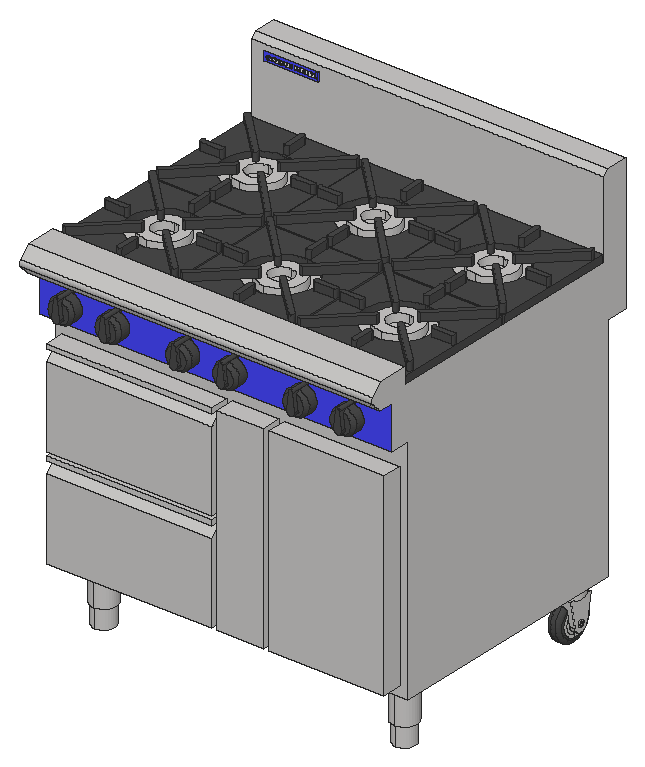
Revit family "QF_MOFFAT_BLUESEAL_CE_G516D-RB", category Specialty Equipment, Revit 2012 (continued)
Definition of nested family "GAS BURNER 900"
  Lines and regions (mm)
    symbolic lines
      curve 144: spline (241.898, -463.6, 0) -> (240.604, -463.818, 0) -> (239.398, -464.457, 0) -> (238.362, -465.475, 0) -> (237.568, -466.8, 0) -> (237.068, -468.344, 0) -> (236.898, -470, 0) -> (237.068, -471.656, 0) -> (237.568, -473.2, 0) -> (238.362, -474.525, 0) -> (239.398, -475.543, 0) -> (240.604, -476.182, 0) -> (241.898, -476.4, 0)
      curve 145: line (241.898, -476.4, 0) -> (291.102, -476.4, 0)
      curve 146: spline (291.102, -476.4, 0) -> (292.396, -476.182, 0) -> (293.602, -475.543, 0) -> (294.638, -474.525, 0) -> (295.432, -473.2, 0) -> (295.932, -471.656, 0) -> (296.102, -470, 0) -> (295.932, -468.344, 0) -> (295.432, -466.8, 0) -> (294.638, -465.475, 0) -> (293.602, -464.457, 0) -> (292.396, -463.818, 0) -> (291.102, -463.6, 0)
      curve 147: line (423.076, -434.025, 0) -> (315.153, -326.102, 0)
      curve 148: spline (315.153, -326.102, 0) -> (314.084, -325.341, 0) -> (312.779, -324.941, 0) -> (311.328, -324.928, 0) -> (309.829, -325.303, 0) -> (308.384, -326.041, 0) -> (307.092, -327.092, 0) -> (306.041, -328.384, 0) -> (305.303, -329.829, 0) -> (304.928, -331.328, 0) -> (304.941, -332.779, 0) -> (305.341, -334.084, 0) -> (306.102, -335.153, 0)
      curve 149: line (306.102, -335.153, 0) -> (414.025, -443.076, 0)
      curve 150: spline (414.025, -443.076, 0) -> (415.095, -443.837, 0) -> (416.399, -444.238, 0) -> (417.851, -444.251, 0) -> (419.35, -443.875, 0) -> (420.795, -443.137, 0) -> (422.086, -442.086, 0) -> (423.137, -440.795, 0) -> (423.875, -439.35, 0) -> (424.251, -437.851, 0) -> (424.238, -436.399, 0) -> (423.837, -435.095, 0) -> (423.076, -434.025, 0)
      curve 151: line (443.6, -328.898, 0) -> (443.6, -378.102, 0)
      curve 152: spline (443.6, -378.102, 0) -> (443.818, -379.396, 0) -> (444.457, -380.602, 0) -> (445.475, -381.638, 0) -> (446.8, -382.432, 0) -> (448.344, -382.932, 0) -> (450, -383.102, 0) -> (451.656, -382.932, 0) -> (453.2, -382.432, 0) -> (454.525, -381.638, 0) -> (455.543, -380.602, 0) -> (456.182, -379.396, 0) -> (456.4, -378.102, 0)
      curve 153: line (456.4, -378.102, 0) -> (456.4, -328.898, 0)
      curve 154: spline (456.4, -328.898, 0) -> (456.182, -327.604, 0) -> (455.543, -326.398, 0) -> (454.525, -325.362, 0) -> (453.2, -324.568, 0) -> (451.656, -324.068, 0) -> (450, -323.898, 0) -> (448.344, -324.068, 0) -> (446.8, -324.568, 0) -> (445.475, -325.362, 0) -> (444.457, -326.398, 0) -> (443.818, -327.604, 0) -> (443.6, -328.898, 0)
      curve 155: line (584.847, -326.102, 0) -> (476.924, -434.025, 0)
      curve 156: spline (476.924, -434.025, 0) -> (476.163, -435.095, 0) -> (475.762, -436.399, 0) -> (475.749, -437.851, 0) -> (476.125, -439.35, 0) -> (476.863, -440.795, 0) -> (477.914, -442.086, 0) -> (479.205, -443.137, 0) -> (480.65, -443.875, 0) -> (482.149, -444.251, 0) -> (483.601, -444.238, 0) -> (484.905, -443.837, 0) -> (485.975, -443.076, 0)
      curve 157: line (485.975, -443.076, 0) -> (593.898, -335.153, 0)
      curve 158: spline (593.898, -335.153, 0) -> (594.819, -333.924, 0) -> (595.369, -332.47, 0) -> (595.51, -330.89, 0) -> (595.233, -329.292, 0) -> (594.557, -327.786, 0) -> (593.527, -326.473, 0) -> (592.214, -325.443, 0) -> (590.708, -324.767, 0) -> (589.11, -324.49, 0) -> (587.53, -324.631, 0) -> (586.076, -325.181, 0) -> (584.847, -326.102, 0)
      curve 159: line (591.102, -463.6, 0) -> (541.898, -463.6, 0)
      curve 160: spline (541.898, -463.6, 0) -> (540.604, -463.818, 0) -> (539.398, -464.457, 0) -> (538.362, -465.475, 0) -> (537.568, -466.8, 0) -> (537.068, -468.344, 0) -> (536.898, -470, 0) -> (537.068, -471.656, 0) -> (537.568, -473.2, 0) -> (538.362, -474.525, 0) -> (539.398, -475.543, 0) -> (540.604, -476.182, 0) -> (541.898, -476.4, 0)
      curve 161: line (541.898, -476.4, 0) -> (591.102, -476.4, 0)
      curve 162: spline (591.102, -476.4, 0) -> (592.396, -476.182, 0) -> (593.602, -475.543, 0) -> (594.638, -474.525, 0) -> (595.432, -473.2, 0) -> (595.932, -471.656, 0) -> (596.102, -470, 0) -> (595.932, -468.344, 0) -> (595.432, -466.8, 0) -> (594.638, -465.475, 0) -> (593.602, -464.457, 0) -> (592.396, -463.818, 0) -> (591.102, -463.6, 0)
      curve 163: line (593.898, -603.347, 0) -> (485.975, -496.924, 0)
      curve 164: spline (485.975, -496.924, 0) -> (484.905, -496.163, 0) -> (483.601, -495.762, 0) -> (482.149, -495.749, 0) -> (480.65, -496.125, 0) -> (479.205, -496.863, 0) -> (477.914, -497.914, 0) -> (476.863, -499.205, 0) -> (476.125, -500.65, 0) -> (475.749, -502.149, 0) -> (475.762, -503.601, 0) -> (476.163, -504.905, 0) -> (476.924, -505.975, 0)
      curve 165: line (476.924, -505.975, 0) -> (584.847, -612.398, 0)
      curve 166: spline (584.847, -612.398, 0) -> (585.916, -613.159, 0) -> (587.221, -613.559, 0) -> (588.672, -613.572, 0) -> (590.171, -613.197, 0) -> (591.616, -612.459, 0) -> (592.908, -611.408, 0) -> (593.959, -610.116, 0) -> (594.697, -608.671, 0) -> (595.072, -607.172, 0) -> (595.059, -605.721, 0) -> (594.659, -604.416, 0) -> (593.898, -603.347, 0)
      curve 167: line (315.153, -612.398, 0) -> (423.076, -505.975, 0)
      curve 168: spline (423.076, -505.975, 0) -> (423.837, -504.905, 0) -> (424.238, -503.601, 0) -> (424.251, -502.149, 0) -> (423.875, -500.65, 0) -> (423.137, -499.205, 0) -> (422.086, -497.914, 0) -> (420.795, -496.863, 0) -> (419.35, -496.125, 0) -> (417.851, -495.749, 0) -> (416.399, -495.762, 0) -> (415.095, -496.163, 0) -> (414.025, -496.924, 0)
      curve 169: line (414.025, -496.924, 0) -> (306.102, -603.347, 0)
      curve 170: spline (306.102, -603.347, 0) -> (305.341, -604.416, 0) -> (304.941, -605.721, 0) -> (304.928, -607.172, 0) -> (305.303, -608.671, 0) -> (306.041, -610.116, 0) -> (307.092, -611.408, 0) -> (308.384, -612.459, 0) -> (309.829, -613.197, 0) -> (311.328, -613.572, 0) -> (312.779, -613.559, 0) -> (314.084, -613.159, 0) -> (315.153, -612.398, 0)
      curve 171: line (308.898, -476.4, 0) -> (358.102, -476.4, 0)
      curve 172: spline (358.102, -476.4, 0) -> (359.396, -476.182, 0) -> (360.602, -475.543, 0) -> (361.638, -474.525, 0) -> (362.432, -473.2, 0) -> (362.932, -471.656, 0) -> (363.102, -470, 0) -> (362.932, -468.344, 0) -> (362.432, -466.8, 0) -> (361.638, -465.475, 0) -> (360.602, -464.457, 0) -> (359.396, -463.818, 0) -> (358.102, -463.6, 0)
      curve 173: line (358.102, -463.6, 0) -> (308.898, -463.6, 0)
      curve 174: spline (308.898, -463.6, 0) -> (307.604, -463.818, 0) -> (306.398, -464.457, 0) -> (305.362, -465.475, 0) -> (304.568, -466.8, 0) -> (304.068, -468.344, 0) -> (303.898, -470, 0) -> (304.068, -471.656, 0) -> (304.568, -473.2, 0) -> (305.362, -474.525, 0) -> (306.398, -475.543, 0) -> (307.604, -476.182, 0) -> (308.898, -476.4, 0)
      curve 175: line (456.4, -609.602, 0) -> (456.4, -561.898, 0)
      curve 176: spline (456.4, -561.898, 0) -> (456.182, -560.604, 0) -> (455.543, -559.398, 0) -> (454.525, -558.362, 0) -> (453.2, -557.568, 0) -> (451.656, -557.068, 0) -> (450, -556.898, 0) -> (448.344, -557.068, 0) -> (446.8, -557.568, 0) -> (445.475, -558.362, 0) -> (444.457, -559.398, 0) -> (443.818, -560.604, 0) -> (443.6, -561.898, 0)
      curve 177: line (443.6, -561.898, 0) -> (443.6, -609.602, 0)
      curve 178: spline (443.6, -609.602, 0) -> (443.818, -610.896, 0) -> (444.457, -612.102, 0) -> (445.475, -613.138, 0) -> (446.8, -613.932, 0) -> (448.344, -614.432, 0) -> (450, -614.602, 0) -> (451.656, -614.432, 0) -> (453.2, -613.932, 0) -> (454.525, -613.138, 0) -> (455.543, -612.102, 0) -> (456.182, -610.896, 0) -> (456.4, -609.602, 0)
      curve 179: arc (450.009, -384.418, 0) -> (479.699, -389.834, 0) -> (505.564, -405.385, 0) r 84.082
      curve 180: arc (450.009, -552.582, 0) -> (417.885, -546.204, 0) -> (390.635, -528.036, 0) r 84.082
      curve 181: arc (450, -523.5, 0) -> (467.666, -520.693, 0) -> (483.592, -512.55, 0) r 57
      curve 182: arc (450, -409.5, 0) -> (430.014, -413.119, 0) -> (412.566, -423.515, 0) r 57
      curve 183: arc (450, -436.5, 0) -> (480, -466.5, 0) -> (450, -496.5, 0) r 30
      curve 184: arc (450, -496.5, 0) -> (420, -466.5, 0) -> (450, -436.5, 0) r 30
      curve 185: arc (96.324, -103.773, 0) -> (121.466, -89.404, 0) -> (149.991, -84.418, 0) r 84.082
      curve 186: arc (212.871, -112.68, 0) -> (234.066, -167.408, 0) -> (214.3, -222.668, 0) r 84.082
      curve 187: arc (194.454, -202.178, 0) -> (207, -166.598, 0) -> (194.576, -130.975, 0) r 57
      curve 188: arc (114.628, -211.197, 0) -> (131.275, -220.336, 0) -> (150, -223.5, 0) r 57
      curve 189: arc (405.424, -130.975, 0) -> (393, -166.598, 0) -> (405.546, -202.178, 0) r 57
      curve 190: arc (485.525, -121.924, 0) -> (468.817, -112.696, 0) -> (450, -109.5, 0) r 57
      curve 191: arc (494.454, -202.178, 0) -> (507, -166.598, 0) -> (494.576, -130.975, 0) r 57
      curve 192: arc (414.628, -211.197, 0) -> (431.275, -220.336, 0) -> (450, -223.5, 0) r 57
      curve 193: arc (105.424, -130.975, 0) -> (93, -166.598, 0) -> (105.546, -202.178, 0) r 57
      curve 194: arc (514.501, -414.55, 0) -> (534.086, -469.429, 0) -> (513.293, -523.862, 0) r 84.082
      curve 195: arc (504.155, -532.827, 0) -> (478.827, -547.489, 0) -> (450.009, -552.582, 0) r 84.082
      curve 196: arc (493.031, -503.881, 0) -> (506.947, -468.956, 0) -> (496.089, -432.962, 0) r 57
      curve 197: arc (416.408, -512.55, 0) -> (432.334, -520.693, 0) -> (450, -523.5, 0) r 57
      curve 198: arc (403.911, -432.962, 0) -> (393.053, -468.956, 0) -> (406.969, -503.881, 0) r 57
      curve 199: arc (487.434, -423.515, 0) -> (469.986, -413.119, 0) -> (450, -409.5, 0) r 57
      curve 200: arc (187.434, -423.515, 0) -> (169.986, -413.119, 0) -> (150, -409.5, 0) r 57
      curve 201: arc (103.911, -432.962, 0) -> (93.053, -468.956, 0) -> (106.969, -503.881, 0) r 57
      curve 202: arc (109.732, -506.842, 0) -> (110.614, -507.704, 0) -> (111.516, -508.547, 0) r 57
      curve 203: arc (193.031, -503.881, 0) -> (206.947, -468.956, 0) -> (196.089, -432.962, 0) r 57
      curve 204: arc (214.491, -414.56, 0) -> (234.068, -469.429, 0) -> (213.283, -523.853, 0) r 84.082
      curve 205: arc (94.436, -405.385, 0) -> (120.301, -389.834, 0) -> (149.991, -384.418, 0) r 84.082
      curve 206: arc (86.707, -523.862, 0) -> (65.914, -469.429, 0) -> (85.499, -414.55, 0) r 84.082
      curve 207: arc (116.408, -512.55, 0) -> (132.334, -520.693, 0) -> (150, -523.5, 0) r 57
      curve 208: arc (204.147, -532.819, 0) -> (178.816, -547.487, 0) -> (149.991, -552.582, 0) r 84.082
      curve 209: arc (394.444, -405.393, 0) -> (420.313, -389.836, 0) -> (450.009, -384.418, 0) r 84.082
      curve 210: arc (390.635, -528.036, 0) -> (366.012, -472.294, 0) -> (385.509, -414.56, 0) r 84.082
      curve 211: arc (185.525, -121.924, 0) -> (168.817, -112.696, 0) -> (150, -109.5, 0) r 57
      curve 212: arc (396.332, -103.781, 0) -> (421.477, -89.406, 0) -> (450.009, -84.418, 0) r 84.082
      curve 213: arc (512.881, -112.67, 0) -> (534.084, -167.408, 0) -> (514.31, -222.678, 0) r 84.082
      curve 214: arc (505.339, -231.812, 0) -> (479.559, -247.219, 0) -> (450.009, -252.582, 0) r 84.082
      curve 215: arc (385.7, -222.668, 0) -> (365.934, -167.408, 0) -> (387.129, -112.68, 0) r 84.082
      curve 216: arc (205.331, -231.803, 0) -> (179.547, -247.216, 0) -> (149.991, -252.582, 0) r 84.082
      curve 217: arc (85.69, -222.678, 0) -> (65.916, -167.408, 0) -> (87.119, -112.67, 0) r 84.082
      curve 218: spline (724.076, -130.525, 0) -> (724.837, -131.595, 0) -> (725.238, -132.899, 0) -> (725.251, -134.351, 0) -> (724.875, -135.85, 0) -> (724.137, -137.295, 0) -> (723.086, -138.586, 0) -> (721.795, -139.637, 0) -> (720.35, -140.375, 0) -> (718.851, -140.751, 0) -> (717.399, -140.738, 0) -> (716.095, -140.337, 0) -> (715.025, -139.576, 0)
      curve 219: spline (659.102, -160.1, 0) -> (660.396, -160.318, 0) -> (661.602, -160.957, 0) -> (662.638, -161.975, 0) -> (663.432, -163.3, 0) -> (663.932, -164.844, 0) -> (664.102, -166.5, 0) -> (663.932, -168.156, 0) -> (663.432, -169.7, 0) -> (662.638, -171.025, 0) -> (661.602, -172.043, 0) -> (660.396, -172.682, 0) -> (659.102, -172.9, 0)
      curve 220: arc (751, -223.5, 0) -> (732.275, -220.336, 0) -> (715.628, -211.197, 0) r 57
      curve 221: arc (751, -109.5, 0) -> (769.817, -112.696, 0) -> (786.525, -121.924, 0) r 57
      curve 222: arc (751.009, -84.418, 0) -> (722.477, -89.406, 0) -> (697.332, -103.781, 0) r 84.082
      curve 223: arc (751.009, -252.582, 0) -> (780.559, -247.219, 0) -> (806.339, -231.812, 0) r 84.082
      curve 224: line (744.6, -74.602, 0) -> (744.6, -25.398, 0)
      curve 225: spline (744.6, -25.398, 0) -> (744.818, -24.104, 0) -> (745.457, -22.898, 0) -> (746.475, -21.862, 0) -> (747.8, -21.068, 0) -> (749.344, -20.568, 0) -> (751, -20.398, 0) -> (752.656, -20.568, 0) -> (754.2, -21.068, 0) -> (755.525, -21.862, 0) -> (756.543, -22.898, 0) -> (757.182, -24.104, 0) -> (757.4, -25.398, 0)
      curve 226: line (757.4, -25.398, 0) -> (757.4, -74.602, 0)
      curve 227: spline (757.4, -74.602, 0) -> (757.182, -75.896, 0) -> (756.543, -77.102, 0) -> (755.525, -78.138, 0) -> (754.2, -78.932, 0) -> (752.656, -79.432, 0) -> (751, -79.602, 0) -> (749.344, -79.432, 0) -> (747.8, -78.932, 0) -> (746.475, -78.138, 0) -> (745.457, -77.102, 0) -> (744.818, -75.896, 0) -> (744.6, -74.602, 0)
      curve 228: arc (897, 0, 0) -> (899.121, -0.879, 0) -> (900, -3, 0) r 3
      curve 229: line (900, -3, 0) -> (900, -315.5, 0)
      curve 230: arc (900, -315.5, 0) -> (899.121, -317.621, 0) -> (897, -318.5, 0) r 3
      curve 231: arc (897, -321.5, 0) -> (899.121, -322.379, 0) -> (900, -324.5, 0) r 3
      curve 232: line (900, -324.5, 0) -> (900, -632, 0)
      curve 233: arc (900, -632, 0) -> (899.121, -634.121, 0) -> (897, -635, 0) r 3
      curve 234: spline (715.025, -193.424, 0) -> (716.095, -192.663, 0) -> (717.399, -192.262, 0) -> (718.851, -192.249, 0) -> (720.35, -192.625, 0) -> (721.795, -193.363, 0) -> (723.086, -194.414, 0) -> (724.137, -195.705, 0) -> (724.875, -197.15, 0) -> (725.251, -198.649, 0) -> (725.238, -200.101, 0) -> (724.837, -201.405, 0) -> (724.076, -202.475, 0)
      curve 235: line (885.847, -313.898, 0) -> (777.924, -202.475, 0)
      curve 236: spline (777.924, -202.475, 0) -> (777.163, -201.405, 0) -> (776.762, -200.101, 0) -> (776.749, -198.649, 0) -> (777.125, -197.15, 0) -> (777.863, -195.705, 0) -> (778.914, -194.414, 0) -> (780.205, -193.363, 0) -> (781.65, -192.625, 0) -> (783.149, -192.249, 0) -> (784.601, -192.262, 0) -> (785.905, -192.663, 0) -> (786.975, -193.424, 0)
      curve 237: line (786.975, -193.424, 0) -> (894.898, -304.847, 0)
      curve 238: spline (894.898, -304.847, 0) -> (895.659, -305.916, 0) -> (896.059, -307.221, 0) -> (896.072, -308.672, 0) -> (895.697, -310.171, 0) -> (894.959, -311.616, 0) -> (893.908, -312.908, 0) -> (892.616, -313.959, 0) -> (891.171, -314.697, 0) -> (889.672, -315.072, 0) -> (888.221, -315.059, 0) -> (886.916, -314.659, 0) -> (885.847, -313.898, 0)
      curve 239: line (892.102, -172.9, 0) -> (842.898, -172.9, 0)
      curve 240: spline (842.898, -172.9, 0) -> (841.604, -172.682, 0) -> (840.398, -172.043, 0) -> (839.362, -171.025, 0) -> (838.568, -169.7, 0) -> (838.068, -168.156, 0) -> (837.898, -166.5, 0) -> (838.068, -164.844, 0) -> (838.568, -163.3, 0) -> (839.362, -161.975, 0) -> (840.398, -160.957, 0) -> (841.604, -160.318, 0) -> (842.898, -160.1, 0)
      curve 241: line (842.898, -160.1, 0) -> (892.102, -160.1, 0)
      curve 242: spline (892.102, -160.1, 0) -> (893.396, -160.318, 0) -> (894.602, -160.957, 0) -> (895.638, -161.975, 0) -> (896.432, -163.3, 0) -> (896.932, -164.844, 0) -> (897.102, -166.5, 0) -> (896.932, -168.156, 0) -> (896.432, -169.7, 0) -> (895.638, -171.025, 0) -> (894.602, -172.043, 0) -> (893.396, -172.682, 0) -> (892.102, -172.9, 0)
      curve 243: line (894.898, -31.653, 0) -> (786.975, -139.576, 0)
      curve 244: spline (786.975, -139.576, 0) -> (785.905, -140.337, 0) -> (784.601, -140.738, 0) -> (783.149, -140.751, 0) -> (781.65, -140.375, 0) -> (780.205, -139.637, 0) -> (778.914, -138.586, 0) -> (777.863, -137.295, 0) -> (777.125, -135.85, 0) -> (776.749, -134.351, 0) -> (776.762, -132.899, 0) -> (777.163, -131.595, 0) -> (777.924, -130.525, 0)
      curve 245: line (777.924, -130.525, 0) -> (885.847, -22.602, 0)
      curve 246: spline (885.847, -22.602, 0) -> (887.076, -21.681, 0) -> (888.53, -21.131, 0) -> (890.11, -20.99, 0) -> (891.708, -21.267, 0) -> (893.214, -21.943, 0) -> (894.527, -22.973, 0) -> (895.557, -24.286, 0) -> (896.233, -25.792, 0) -> (896.51, -27.39, 0) -> (896.369, -28.97, 0) -> (895.819, -30.424, 0) -> (894.898, -31.653, 0)
      curve 247: arc (751, -136.5, 0) -> (721, -166.5, 0) -> (751, -196.5, 0) r 30
      curve 248: arc (751, -196.5, 0) -> (781, -166.5, 0) -> (751, -136.5, 0) r 30
      curve 249: line (744.6, -311.102, 0) -> (744.6, -261.898, 0)
      curve 250: spline (744.6, -261.898, 0) -> (744.818, -260.604, 0) -> (745.457, -259.398, 0) -> (746.475, -258.362, 0) -> (747.8, -257.568, 0) -> (749.344, -257.068, 0) -> (751, -256.898, 0) -> (752.656, -257.068, 0) -> (754.2, -257.568, 0) -> (755.525, -258.362, 0) -> (756.543, -259.398, 0) -> (757.182, -260.604, 0) -> (757.4, -261.898, 0)
      curve 251: line (757.4, -261.898, 0) -> (757.4, -311.102, 0)
      curve 252: spline (757.4, -311.102, 0) -> (757.182, -312.396, 0) -> (756.543, -313.602, 0) -> (755.525, -314.638, 0) -> (754.2, -315.432, 0) -> (752.656, -315.932, 0) -> (751, -316.102, 0) -> (749.344, -315.932, 0) -> (747.8, -315.432, 0) -> (746.475, -314.638, 0) -> (745.457, -313.602, 0) -> (744.818, -312.396, 0) -> (744.6, -311.102, 0)
      curve 253: line (744.6, -378.102, 0) -> (744.6, -328.898, 0)
      curve 254: spline (744.6, -328.898, 0) -> (744.818, -327.604, 0) -> (745.457, -326.398, 0) -> (746.475, -325.362, 0) -> (747.8, -324.568, 0) -> (749.344, -324.068, 0) -> (751, -323.898, 0) -> (752.656, -324.068, 0) -> (754.2, -324.568, 0) -> (755.525, -325.362, 0) -> (756.543, -326.398, 0) -> (757.182, -327.604, 0) -> (757.4, -328.898, 0)
      curve 255: line (757.4, -328.898, 0) -> (757.4, -378.102, 0)
      curve 256: spline (757.4, -378.102, 0) -> (757.182, -379.396, 0) -> (756.543, -380.602, 0) -> (755.525, -381.638, 0) -> (754.2, -382.432, 0) -> (752.656, -382.932, 0) -> (751, -383.102, 0) -> (749.344, -382.932, 0) -> (747.8, -382.432, 0) -> (746.475, -381.638, 0) -> (745.457, -380.602, 0) -> (744.818, -379.396, 0) -> (744.6, -378.102, 0)
      curve 257: spline (724.076, -434.025, 0) -> (724.837, -435.095, 0) -> (725.238, -436.399, 0) -> (725.251, -437.851, 0) -> (724.875, -439.35, 0) -> (724.137, -440.795, 0) -> (723.086, -442.086, 0) -> (721.795, -443.137, 0) -> (720.35, -443.875, 0) -> (718.851, -444.251, 0) -> (717.399, -444.238, 0) -> (716.095, -443.837, 0) -> (715.025, -443.076, 0)
      curve 258: line (777.924, -434.025, 0) -> (885.847, -326.102, 0)
      curve 259: spline (885.847, -326.102, 0) -> (887.076, -325.181, 0) -> (888.53, -324.631, 0) -> (890.11, -324.49, 0) -> (891.708, -324.767, 0) -> (893.214, -325.443, 0) -> (894.527, -326.473, 0) -> (895.557, -327.786, 0) -> (896.233, -329.292, 0) -> (896.51, -330.89, 0) -> (896.369, -332.47, 0) -> (895.819, -333.924, 0) -> (894.898, -335.153, 0)
      curve 260: line (894.898, -335.153, 0) -> (786.975, -443.076, 0)
      curve 261: spline (786.975, -443.076, 0) -> (785.905, -443.837, 0) -> (784.601, -444.238, 0) -> (783.149, -444.251, 0) -> (781.65, -443.875, 0) -> (780.205, -443.137, 0) -> (778.914, -442.086, 0) -> (777.863, -440.795, 0) -> (777.125, -439.35, 0) -> (776.749, -437.851, 0) -> (776.762, -436.399, 0) -> (777.163, -435.095, 0) -> (777.924, -434.025, 0)
      curve 262: line (842.898, -463.6, 0) -> (892.102, -463.6, 0)
      curve 263: spline (892.102, -463.6, 0) -> (893.396, -463.818, 0) -> (894.602, -464.457, 0) -> (895.638, -465.475, 0) -> (896.432, -466.8, 0) -> (896.932, -468.344, 0) -> (897.102, -470, 0) -> (896.932, -471.656, 0) -> (896.432, -473.2, 0) -> (895.638, -474.525, 0) -> (894.602, -475.543, 0) -> (893.396, -476.182, 0) -> (892.102, -476.4, 0)
      curve 264: line (892.102, -476.4, 0) -> (842.898, -476.4, 0)
      curve 265: spline (842.898, -476.4, 0) -> (841.604, -476.182, 0) -> (840.398, -475.543, 0) -> (839.362, -474.525, 0) -> (838.568, -473.2, 0) -> (838.068, -471.656, 0) -> (837.898, -470, 0) -> (838.068, -468.344, 0) -> (838.568, -466.8, 0) -> (839.362, -465.475, 0) -> (840.398, -464.457, 0) -> (841.604, -463.818, 0) -> (842.898, -463.6, 0)
      curve 266: line (786.975, -496.924, 0) -> (894.898, -603.347, 0)
      curve 267: spline (894.898, -603.347, 0) -> (895.659, -604.416, 0) -> (896.059, -605.721, 0) -> (896.072, -607.172, 0) -> (895.697, -608.671, 0) -> (894.959, -610.116, 0) -> (893.908, -611.408, 0) -> (892.616, -612.459, 0) -> (891.171, -613.197, 0) -> (889.672, -613.572, 0) -> (888.221, -613.559, 0) -> (886.916, -613.159, 0) -> (885.847, -612.398, 0)
      curve 268: line (885.847, -612.398, 0) -> (777.924, -505.975, 0)
      curve 269: spline (777.924, -505.975, 0) -> (777.163, -504.905, 0) -> (776.762, -503.601, 0) -> (776.749, -502.149, 0) -> (777.125, -500.65, 0) -> (777.863, -499.205, 0) -> (778.914, -497.914, 0) -> (780.205, -496.863, 0) -> (781.65, -496.125, 0) -> (783.149, -495.749, 0) -> (784.601, -495.762, 0) -> (785.905, -496.163, 0) -> (786.975, -496.924, 0)
      curve 270: line (744.6, -609.602, 0) -> (744.6, -561.898, 0)
      curve 271: spline (744.6, -561.898, 0) -> (744.818, -560.604, 0) -> (745.457, -559.398, 0) -> (746.475, -558.362, 0) -> (747.8, -557.568, 0) -> (749.344, -557.068, 0) -> (751, -556.898, 0) -> (752.656, -557.068, 0) -> (754.2, -557.568, 0) -> (755.525, -558.362, 0) -> (756.543, -559.398, 0) -> (757.182, -560.604, 0) -> (757.4, -561.898, 0)
      curve 272: line (757.4, -561.898, 0) -> (757.4, -609.602, 0)
      curve 273: spline (757.4, -609.602, 0) -> (757.182, -610.896, 0) -> (756.543, -612.102, 0) -> (755.525, -613.138, 0) -> (754.2, -613.932, 0) -> (752.656, -614.432, 0) -> (751, -614.602, 0) -> (749.344, -614.432, 0) -> (747.8, -613.932, 0) -> (746.475, -613.138, 0) -> (745.457, -612.102, 0) -> (744.818, -610.896, 0) -> (744.6, -609.602, 0)
      curve 274: spline (715.025, -496.924, 0) -> (716.095, -496.163, 0) -> (717.399, -495.762, 0) -> (718.851, -495.749, 0) -> (720.35, -496.125, 0) -> (721.795, -496.863, 0) -> (723.086, -497.914, 0) -> (724.137, -499.205, 0) -> (724.875, -500.65, 0) -> (725.251, -502.149, 0) -> (725.238, -503.601, 0) -> (724.837, -504.905, 0) -> (724.076, -505.975, 0)
      curve 275: arc (751.009, -384.418, 0) -> (721.313, -389.836, 0) -> (695.444, -405.393, 0) r 84.082
      curve 276: arc (751.009, -552.582, 0) -> (779.827, -547.489, 0) -> (805.155, -532.827, 0) r 84.082
      curve 277: arc (751, -523.5, 0) -> (733.334, -520.693, 0) -> (717.408, -512.55, 0) r 57
      curve 278: arc (751, -409.5, 0) -> (770.986, -413.119, 0) -> (788.434, -423.515, 0) r 57
      curve 279: arc (751, -436.5, 0) -> (721, -466.5, 0) -> (751, -496.5, 0) r 30
      curve 280: arc (751, -496.5, 0) -> (781, -466.5, 0) -> (751, -436.5, 0) r 30
      curve 281: spline (659.102, -463.6, 0) -> (660.396, -463.818, 0) -> (661.602, -464.457, 0) -> (662.638, -465.475, 0) -> (663.432, -466.8, 0) -> (663.932, -468.344, 0) -> (664.102, -470, 0) -> (663.932, -471.656, 0) -> (663.432, -473.2, 0) -> (662.638, -474.525, 0) -> (661.602, -475.543, 0) -> (660.396, -476.182, 0) -> (659.102, -476.4, 0)
      curve 282: arc (804.676, -103.773, 0) -> (779.534, -89.404, 0) -> (751.009, -84.418, 0) r 84.082
      curve 283: arc (688.129, -112.68, 0) -> (666.934, -167.408, 0) -> (686.7, -222.668, 0) r 84.082
      curve 284: arc (706.546, -202.178, 0) -> (694, -166.598, 0) -> (706.424, -130.975, 0) r 57
      curve 285: arc (786.372, -211.197, 0) -> (769.725, -220.336, 0) -> (751, -223.5, 0) r 57
      curve 286: arc (795.576, -130.975, 0) -> (808, -166.598, 0) -> (795.454, -202.178, 0) r 57
      curve 287: arc (713.566, -423.515, 0) -> (731.014, -413.119, 0) -> (751, -409.5, 0) r 57
      curve 288: arc (797.089, -432.962, 0) -> (807.947, -468.956, 0) -> (794.031, -503.881, 0) r 57
      curve 289: arc (791.268, -506.842, 0) -> (790.386, -507.704, 0) -> (789.484, -508.547, 0) r 57
      curve 290: arc (707.969, -503.881, 0) -> (694.053, -468.956, 0) -> (704.911, -432.962, 0) r 57
      curve 291: arc (686.509, -414.56, 0) -> (666.932, -469.429, 0) -> (687.717, -523.853, 0) r 84.082
      curve 292: arc (806.564, -405.385, 0) -> (780.699, -389.834, 0) -> (751.009, -384.418, 0) r 84.082
      curve 293: arc (814.293, -523.862, 0) -> (835.086, -469.429, 0) -> (815.501, -414.55, 0) r 84.082
      curve 294: arc (784.592, -512.55, 0) -> (768.666, -520.693, 0) -> (751, -523.5, 0) r 57
      curve 295: arc (696.853, -532.819, 0) -> (722.184, -547.487, 0) -> (751.009, -552.582, 0) r 84.082
      curve 296: arc (715.475, -121.924, 0) -> (732.183, -112.696, 0) -> (751, -109.5, 0) r 57
      curve 297: arc (695.669, -231.803, 0) -> (721.453, -247.216, 0) -> (751.009, -252.582, 0) r 84.082
      curve 298: arc (815.31, -222.678, 0) -> (835.084, -167.408, 0) -> (813.881, -112.67, 0) r 84.082
      curve 299: line (616.153, -612.398, 0) -> (724.076, -505.975, 0)
      curve 300: line (715.025, -496.924, 0) -> (607.102, -603.347, 0)
      curve 301: spline (607.102, -603.347, 0) -> (606.341, -604.416, 0) -> (605.941, -605.721, 0) -> (605.928, -607.172, 0) -> (606.303, -608.671, 0) -> (607.041, -610.116, 0) -> (608.092, -611.408, 0) -> (609.384, -612.459, 0) -> (610.829, -613.197, 0) -> (612.328, -613.572, 0) -> (613.779, -613.559, 0) -> (615.084, -613.159, 0) -> (616.153, -612.398, 0)
      curve 302: line (602, -324.5, 0) -> (602, -632, 0)
      curve 303: arc (602, -632, 0) -> (602.879, -634.121, 0) -> (605, -635, 0) r 3
      curve 304: line (605, -635, 0) -> (897, -635, 0)
      curve 305: arc (897, -635, 0) -> (899.121, -634.121, 0) -> (900, -632, 0) r 3
      curve 306: line (900, -632, 0) -> (900, -324.5, 0)
      curve 307: arc (900, -324.5, 0) -> (899.121, -322.379, 0) -> (897, -321.5, 0) r 3
      curve 308: line (897, -321.5, 0) -> (605, -321.5, 0)
      curve 309: arc (605, -321.5, 0) -> (602.879, -322.379, 0) -> (602, -324.5, 0) r 3
      curve 310: line (609.898, -476.4, 0) -> (659.102, -476.4, 0)
      curve 311: line (659.102, -463.6, 0) -> (609.898, -463.6, 0)
      curve 312: spline (609.898, -463.6, 0) -> (608.604, -463.818, 0) -> (607.398, -464.457, 0) -> (606.362, -465.475, 0) -> (605.568, -466.8, 0) -> (605.068, -468.344, 0) -> (604.898, -470, 0) -> (605.068, -471.656, 0) -> (605.568, -473.2, 0) -> (606.362, -474.525, 0) -> (607.398, -475.543, 0) -> (608.604, -476.182, 0) -> (609.898, -476.4, 0)
      curve 313: line (607.102, -335.153, 0) -> (715.025, -443.076, 0)
      curve 314: line (724.076, -434.025, 0) -> (616.153, -326.102, 0)
      curve 315: spline (616.153, -326.102, 0) -> (615.084, -325.341, 0) -> (613.779, -324.941, 0) -> (612.328, -324.928, 0) -> (610.829, -325.303, 0) -> (609.384, -326.041, 0) -> (608.092, -327.092, 0) -> (607.041, -328.384, 0) -> (606.303, -329.829, 0) -> (605.928, -331.328, 0) -> (605.941, -332.779, 0) -> (606.341, -334.084, 0) -> (607.102, -335.153, 0)
      curve 316: line (616.153, -313.898, 0) -> (724.076, -202.475, 0)
      curve 317: spline (607.102, -304.847, 0) -> (606.341, -305.916, 0) -> (605.941, -307.221, 0) -> (605.928, -308.672, 0) -> (606.303, -310.171, 0) -> (607.041, -311.616, 0) -> (608.092, -312.908, 0) -> (609.384, -313.959, 0) -> (610.829, -314.697, 0) -> (612.328, -315.072, 0) -> (613.779, -315.059, 0) -> (615.084, -314.659, 0) -> (616.153, -313.898, 0)
      curve 318: line (715.025, -193.424, 0) -> (607.102, -304.847, 0)
      curve 319: line (605, -318.5, 0) -> (897, -318.5, 0)
      curve 320: arc (602, -315.5, 0) -> (602.879, -317.621, 0) -> (605, -318.5, 0) r 3
      curve 321: line (602, -3, 0) -> (602, -315.5, 0)
      curve 322: arc (605, 0, 0) -> (602.879, -0.879, 0) -> (602, -3, 0) r 3
      curve 323: line (609.898, -172.9, 0) -> (659.102, -172.9, 0)
      curve 324: line (659.102, -160.1, 0) -> (609.898, -160.1, 0)
      curve 325: spline (609.898, -160.1, 0) -> (608.604, -160.318, 0) -> (607.398, -160.957, 0) -> (606.362, -161.975, 0) -> (605.568, -163.3, 0) -> (605.068, -164.844, 0) -> (604.898, -166.5, 0) -> (605.068, -168.156, 0) -> (605.568, -169.7, 0) -> (606.362, -171.025, 0) -> (607.398, -172.043, 0) -> (608.604, -172.682, 0) -> (609.898, -172.9, 0)
      curve 326: line (607.102, -31.653, 0) -> (715.025, -139.576, 0)
      curve 327: line (724.076, -130.525, 0) -> (616.153, -22.602, 0)
      curve 328: spline (616.153, -22.602, 0) -> (615.084, -21.841, 0) -> (613.779, -21.441, 0) -> (612.328, -21.428, 0) -> (610.829, -21.803, 0) -> (609.384, -22.541, 0) -> (608.092, -23.592, 0) -> (607.041, -24.884, 0) -> (606.303, -26.329, 0) -> (605.928, -27.828, 0) -> (605.941, -29.279, 0) -> (606.341, -30.584, 0) -> (607.102, -31.653, 0)
      curve 329: line (897, 0, 0) -> (605, 0, 0)
  Dimensions and locks
    equal spacing: plane 3 "LEFT", plane 7 "Center Y", plane 4 "RIGHT"
    "Width": plane 3 "LEFT" to plane 4 "RIGHT"
    equal spacing: plane 5 "FRONT", plane 8 "Center X", plane 1 "BACK"
    "Depth": plane 5 "FRONT" to plane 1 "BACK"
    aligned and locked: level to plane 2
  Automatic sketch dimensions
    curve 29 to curve 30 = 0.00 mm
    curve 29 to curve 33 = 0.00 mm
    curve 29 to curve 189 = 0.00 mm
    curve 29 to curve 190 = 0.00 mm  (x2)
    curve 29 to curve 191 = 0.00 mm  (x2)
    curve 29 to curve 192 = 0.00 mm
    curve 30 to curve 33 = 0.00 mm
    curve 30 to curve 189 = 0.00 mm
    curve 31 to curve 32 = 0.00 mm  (x2)
    curve 31 to curve 212 = 0.00 mm
    curve 31 to curve 213 = 0.00 mm  (x2)
    curve 31 to curve 214 = 0.00 mm
    curve 31 to curve 215 = 0.00 mm  (x2)
    curve 35 to curve 36 = 0.00 mm
    curve 35 to curve 103 = 0.00 mm  (x2)
    curve 35 to curve 187 = 0.00 mm  (x2)
    curve 35 to curve 188 = 0.00 mm
    curve 35 to curve 193 = 0.00 mm
    curve 35 to curve 211 = 0.00 mm  (x2)
    curve 36 to curve 193 = 0.00 mm
    curve 37 to curve 38 = 0.00 mm  (x2)
    curve 37 to curve 185 = 0.00 mm
    curve 37 to curve 186 = 0.00 mm  (x2)
    curve 37 to curve 216 = 0.00 mm
    curve 37 to curve 217 = 0.00 mm  (x2)
    curve 137 to curve 138 = 0.00 mm  (x2)
    curve 137 to curve 204 = 0.00 mm  (x2)
    curve 137 to curve 205 = 0.00 mm
    curve 137 to curve 206 = 0.00 mm  (x2)
    curve 137 to curve 208 = 0.00 mm
    curve 139 to curve 140 = 0.00 mm
    curve 139 to curve 141 = 0.00 mm  (x2)
    curve 139 to curve 200 = 0.00 mm  (x2)
    curve 139 to curve 201 = 0.00 mm
    curve 139 to curve 202 = 0.00 mm
    curve 139 to curve 203 = 0.00 mm  (x2)
    curve 139 to curve 207 = 0.00 mm
    curve 140 to curve 201 = 0.00 mm
    curve 140 to curve 202 = 0.00 mm
    curve 179 to curve 180 = 0.00 mm  (x2)
    curve 179 to curve 194 = 0.00 mm  (x2)
    curve 179 to curve 195 = 0.00 mm
    curve 179 to curve 209 = 0.00 mm
    curve 179 to curve 210 = 0.00 mm  (x2)
    curve 181 to curve 182 = 0.00 mm  (x2)
    curve 181 to curve 183 = 0.00 mm  (x2)
    curve 181 to curve 196 = 0.00 mm  (x2)
    curve 181 to curve 197 = 0.00 mm
    curve 181 to curve 198 = 0.00 mm  (x2)
    curve 181 to curve 199 = 0.00 mm
    curve 220 to curve 221 = 0.00 mm
    curve 220 to curve 247 = 0.00 mm  (x2)
    curve 220 to curve 284 = 0.00 mm
    curve 222 to curve 223 = 0.00 mm  (x2)
    curve 222 to curve 282 = 0.00 mm
    curve 222 to curve 283 = 0.00 mm  (x2)
    curve 275 to curve 276 = 0.00 mm
    curve 275 to curve 291 = 0.00 mm
    curve 277 to curve 278 = 0.00 mm
    curve 277 to curve 279 = 0.00 mm
    curve 277 to curve 287 = 0.00 mm
    curve 278 to curve 280 = 0.00 mm
    curve 283 to curve 298 = 0.00 mm
    curve 284 to curve 296 = 0.00 mm  (x2)
    curve 285 to curve 296 = 0.00 mm  (x2)
    curve 286 to curve 296 = 0.00 mm  (x2)
    curve 287 to curve 294 = 0.00 mm  (x2)
    curve 288 to curve 294 = 0.00 mm  (x2)
    curve 289 to curve 294 = 0.00 mm  (x2)
    curve 290 to curve 294 = 0.00 mm  (x2)
    curve 291 to curve 295 = 0.00 mm  (x2)
    curve 292 to curve 295 = 0.00 mm  (x2)
    curve 293 to curve 295 = 0.00 mm  (x2)
    curve 297 to curve 298 = 0.00 mm  (x2)
    plane 5 "FRONT" to curve 75 = 0.00 mm
    plane 1 "BACK" to curve 64 = 0.00 mm
    plane 1 "BACK" to curve 55 = 0.00 mm
    plane 5 "FRONT" to curve 82 = 0.00 mm
    curve 33 to plane 7 "Center Y" = 0.00 mm
    curve 154 to plane 7 "Center Y" = 0.00 mm
    curve 54 to plane 7 "Center Y" = 0.00 mm
    curve 196 to plane 7 "Center Y" = 0.00 mm
    curve 178 to plane 7 "Center Y" = 0.00 mm
    curve 16 to plane 7 "Center Y" = 0.00 mm
    plane 5 "FRONT" to curve 233 = 0.00 mm
    curve 13 to curve 16 = 6.40 mm
    curve 154 to curve 154 = 6.40 mm
    curve 52 to curve 52 = 6.40 mm
    curve 177 to curve 178 = 6.40 mm
    curve 150 to plane 7 "Center Y" = 26.924 mm
    curve 10 to plane 7 "Center Y" = 26.924 mm
    curve 168 to plane 7 "Center Y" = 26.924 mm
    curve 50 to plane 7 "Center Y" = 26.924 mm
    curve 10 to curve 10 = 4.525 mm
    curve 50 to curve 50 = 4.525 mm
    curve 168 to curve 167 = 4.525 mm
    curve 150 to curve 147 = 4.525 mm
    curve 197 to curve 167 = 6.668 mm
    curve 192 to curve 49 = 8.448 mm
    curve 30 to curve 10 = 8.601 mm
    curve 169 to curve 168 = 4.525 mm
    curve 182 to curve 150 = 10.51 mm
    curve 198 to curve 168 = 7.056 mm
    curve 189 to curve 50 = 8.479 mm
    curve 189 to curve 9 = 8.601 mm
    curve 198 to curve 182 = 8.655 mm
    curve 212 to curve 30 = 18.144 mm
    curve 32 to curve 192 = 19.959 mm
    curve 209 to curve 182 = 18.122 mm
    curve 210 to curve 198 = 16.335 mm
    curve 215 to curve 212 = 9.203 mm
    curve 215 to curve 32 = 8.969 mm
    curve 210 to curve 209 = 8.936 mm
    curve 45 to curve 189 = 47.444 mm
    curve 172 to curve 198 = 45.809 mm
    curve 167 to plane 5 "FRONT" = 22.602 mm
    curve 167 to curve 180 = 75.481 mm
    curve 147 to plane 8 "Center X" = 8.602 mm
    curve 147 to curve 209 = 79.291 mm
    plane 1 "BACK" to curve 12 = 22.602 mm
    plane 8 "Center X" to curve 49 = 3.602 mm
    curve 49 to curve 147 = 0.00 mm
    curve 148 to curve 147 = 4.525 mm
    curve 12 to curve 12 = 4.525 mm
    curve 48 to curve 48 = 4.525 mm
    curve 170 to curve 167 = 4.525 mm
    curve 44 to curve 46 = 49.204 mm
    curve 174 to curve 172 = 49.204 mm
    curve 80 to curve 148 = 6.628 mm
    curve 83 to curve 170 = 11.153 mm
    curve 56 to curve 12 = 11.153 mm
    plane 8 "Center X" to curve 58 = 2.00 mm
    curve 58 to curve 79 = 0.00 mm
    curve 57 to curve 56 = 3.00 mm
    curve 80 to curve 80 = 3.00 mm
    curve 76 to curve 81 = 2.00 mm
    curve 68 to curve 58 = 2.00 mm
    curve 68 to plane 8 "Center X" = 1.00 mm
    curve 68 to curve 69 = 3.00 mm
    curve 78 to curve 77 = 3.00 mm
    curve 63 to curve 69 = 3.00 mm
    curve 75 to curve 76 = 3.00 mm
    curve 90 to curve 68 = 2.102 mm
    curve 4 to curve 12 = 12.205 mm
    curve 115 to plane 8 "Center X" = 17.653 mm
    curve 115 to curve 78 = 2.102 mm
    curve 134 to curve 170 = 12.205 mm
    curve 8 to curve 45 = 17.796 mm
    curve 145 to curve 171 = 17.796 mm
    curve 4 to curve 4 = 4.525 mm
    curve 134 to curve 134 = 4.525 mm
    curve 90 to curve 90 = 4.525 mm
    curve 116 to curve 116 = 4.525 mm
    curve 6 to curve 5 = 49.204 mm
    curve 144 to curve 143 = 49.204 mm
    curve 204 to curve 144 = 27.407 mm
    curve 186 to curve 7 = 27.598 mm
    curve 204 to curve 145 = 28.615 mm
    curve 186 to curve 6 = 29.027 mm
    curve 137 to curve 204 = 8.936 mm
    curve 216 to curve 186 = 8.969 mm
    curve 208 to curve 204 = 9.136 mm
    curve 37 to curve 186 = 9.203 mm
    curve 203 to curve 204 = 18.402 mm
    curve 187 to curve 186 = 18.296 mm
    curve 187 to curve 186 = 19.847 mm
    curve 203 to curve 204 = 20.253 mm
    curve 200 to curve 203 = 8.655 mm
    curve 136 to curve 203 = 7.056 mm
    curve 87 to curve 187 = 8.479 mm
    curve 2 to curve 187 = 8.601 mm
    curve 114 to curve 203 = 10.114 mm
    curve 211 to curve 187 = 9.051 mm
    curve 35 to curve 187 = 9.081 mm
    curve 139 to curve 203 = 9.439 mm
    curve 114 to curve 115 = 4.525 mm
    curve 2 to curve 2 = 4.525 mm
    curve 136 to curve 136 = 4.525 mm
    curve 88 to curve 88 = 4.525 mm
    curve 106 to curve 216 = 48.931 mm
    curve 112 to curve 200 = 31.034 mm
    curve 42 to curve 37 = 47.268 mm
    curve 129 to plane 5 "FRONT" = 25.398 mm
    curve 129 to curve 208 = 47.747 mm
    curve 103 to curve 1 = 26.924 mm
    curve 110 to curve 109 = 6.40 mm
    curve 108 to curve 105 = 6.40 mm
    curve 142 to curve 114 = 26.924 mm
    curve 132 to curve 132 = 6.40 mm
    curve 42 to curve 42 = 6.40 mm
    curve 38 to curve 106 = 0.009 mm
    curve 204 to curve 139 = 0.009 mm
    curve 127 to curve 142 = 26.924 mm
    curve 117 to curve 142 = 26.924 mm
    curve 91 to curve 104 = 26.924 mm
    curve 100 to curve 104 = 26.924 mm
    curve 100 to curve 100 = 4.525 mm
    curve 92 to curve 92 = 4.525 mm
    curve 120 to curve 120 = 4.525 mm
    curve 128 to curve 128 = 4.525 mm
    curve 207 to curve 127 = 6.668 mm
    curve 188 to curve 91 = 8.448 mm
    curve 36 to curve 100 = 8.601 mm
    curve 140 to curve 117 = 10.51 mm
    curve 202 to curve 207 = 4.893 mm
    curve 202 to curve 202 = 1.784 mm
    curve 201 to curve 202 = 2.762 mm
    curve 193 to curve 93 = 8.479 mm
    curve 193 to curve 100 = 8.601 mm
    curve 201 to curve 140 = 8.655 mm
    curve 185 to curve 36 = 18.152 mm
    curve 138 to curve 207 = 20.563 mm
    curve 38 to curve 188 = 19.967 mm
    curve 205 to curve 140 = 18.13 mm
    curve 217 to curve 185 = 9.204 mm
    curve 206 to curve 138 = 9.138 mm
    curve 217 to curve 38 = 8.97 mm
    curve 206 to curve 205 = 8.937 mm
    curve 97 to curve 193 = 47.322 mm
    curve 121 to curve 201 = 45.809 mm
    plane 3 "LEFT" to curve 126 = 15.153 mm
    plane 3 "LEFT" to curve 102 = 15.153 mm
    plane 8 "Center X" to curve 91 = 3.602 mm
    plane 3 "LEFT" to curve 91 = 15.153 mm
    curve 117 to plane 8 "Center X" = 8.602 mm
    curve 117 to curve 91 = 0.00 mm
    curve 126 to curve 126 = 4.525 mm
    curve 94 to curve 94 = 4.525 mm
    plane 3 "LEFT" to curve 121 = 8.898 mm
    plane 3 "LEFT" to curve 97 = 8.898 mm
    plane 3 "LEFT" to curve 72 = 4.00 mm
    curve 66 to curve 71 = 0.00 mm
    plane 3 "LEFT" to curve 74 = 4.00 mm
    plane 3 "LEFT" to curve 63 = 4.00 mm
    plane 3 "LEFT" to curve 65 = 1.00 mm
    plane 3 "LEFT" to curve 74 = 1.00 mm
    plane 7 "Center Y" to curve 194 = 0.009 mm
    plane 7 "Center Y" to curve 32 = 0.009 mm
    plane 7 "Center Y" to curve 165 = 26.924 mm
    plane 7 "Center Y" to curve 17 = 26.924 mm
    plane 7 "Center Y" to curve 26 = 26.924 mm
    plane 7 "Center Y" to curve 156 = 26.924 mm
    curve 18 to curve 18 = 4.525 mm
    curve 155 to curve 156 = 4.525 mm
    curve 27 to curve 26 = 4.525 mm
    curve 165 to curve 164 = 4.525 mm
    curve 164 to curve 181 = 6.668 mm
    curve 26 to curve 29 = 8.448 mm
    curve 18 to curve 190 = 8.601 mm
    curve 156 to curve 199 = 10.51 mm
    curve 164 to curve 196 = 7.056 mm
    curve 26 to curve 191 = 8.479 mm
    curve 18 to curve 191 = 8.601 mm
    curve 199 to curve 196 = 8.655 mm
    curve 190 to curve 31 = 18.152 mm
    curve 181 to curve 195 = 20.563 mm
    curve 29 to curve 214 = 19.967 mm
    curve 199 to curve 179 = 18.13 mm
    curve 31 to curve 213 = 9.204 mm
    curve 195 to curve 194 = 9.138 mm
    curve 214 to curve 213 = 8.97 mm
    curve 179 to curve 194 = 8.937 mm
    curve 196 to curve 160 = 45.809 mm
    curve 191 to curve 22 = 47.444 mm
    curve 165 to plane 5 "FRONT" = 22.602 mm
    curve 195 to curve 165 = 80.692 mm
    plane 8 "Center X" to curve 27 = 3.602 mm
    curve 155 to plane 8 "Center X" = 8.602 mm
    curve 155 to curve 27 = 0.00 mm
    plane 1 "BACK" to curve 20 = 22.602 mm
    curve 20 to curve 19 = 9.051 mm
    curve 166 to curve 166 = 4.525 mm
    curve 21 to curve 21 = 49.204 mm
    curve 160 to curve 159 = 49.204 mm
    curve 84 to plane 5 "FRONT" = 3.00 mm
    curve 166 to curve 84 = 11.153 mm
    curve 59 to curve 85 = 3.00 mm
    curve 20 to curve 55 = 11.153 mm
    curve 86 to curve 85 = 3.00 mm
    plane 8 "Center X" to curve 61 = 2.00 mm
    curve 281 to curve 291 = 27.407 mm
    curve 219 to curve 283 = 27.598 mm
    curve 281 to curve 291 = 28.615 mm
    curve 219 to curve 283 = 29.027 mm
    curve 291 to curve 275 = 8.936 mm
    curve 283 to curve 297 = 8.969 mm
    curve 291 to curve 295 = 9.136 mm
    curve 283 to curve 222 = 9.203 mm
    curve 291 to curve 290 = 18.402 mm
    curve 283 to curve 284 = 18.296 mm
    curve 283 to curve 284 = 19.847 mm
    curve 291 to curve 290 = 20.253 mm
    curve 290 to curve 287 = 8.655 mm
    curve 290 to curve 257 = 10.114 mm
    curve 284 to curve 218 = 8.601 mm
    curve 290 to curve 274 = 7.056 mm
    curve 284 to curve 234 = 8.479 mm
    curve 284 to curve 296 = 9.051 mm
    curve 284 to curve 220 = 9.081 mm
    curve 218 to curve 218 = 4.525 mm
    curve 274 to curve 274 = 4.525 mm
    curve 257 to curve 257 = 4.525 mm
    curve 234 to curve 234 = 4.525 mm
    curve 270 to plane 5 "FRONT" = 25.398 mm
    curve 287 to curve 256 = 31.034 mm
    plane 1 "BACK" to curve 225 = 25.398 mm
    curve 222 to curve 225 = 47.268 mm
    curve 297 to curve 249 = 48.931 mm
    curve 274 to curve 280 = 26.924 mm
    curve 224 to curve 227 = 6.40 mm
    curve 256 to curve 256 = 6.40 mm
    curve 271 to curve 271 = 6.40 mm
    curve 249 to curve 252 = 6.40 mm
    curve 220 to curve 223 = 0.009 mm
    curve 271 to curve 276 = 0.009 mm
    curve 248 to curve 245 = 26.924 mm
    curve 248 to curve 236 = 26.924 mm
    curve 280 to curve 261 = 26.924 mm
    curve 280 to curve 269 = 26.924 mm
    curve 261 to curve 261 = 4.525 mm
    curve 236 to curve 236 = 4.525 mm
    curve 268 to curve 269 = 4.525 mm
    curve 244 to curve 244 = 4.525 mm
    curve 268 to curve 294 = 6.668 mm
    curve 236 to curve 285 = 8.448 mm
    curve 244 to curve 221 = 8.601 mm
    curve 258 to curve 278 = 10.51 mm
    curve 294 to curve 289 = 4.893 mm
    curve 289 to curve 289 = 1.784 mm
    curve 289 to curve 288 = 2.762 mm
    curve 236 to curve 286 = 8.479 mm
    curve 244 to curve 286 = 8.601 mm
    curve 278 to curve 288 = 8.655 mm
    curve 221 to curve 282 = 18.152 mm
    curve 294 to curve 276 = 20.563 mm
    curve 285 to curve 223 = 19.967 mm
    curve 278 to curve 292 = 18.13 mm
    curve 282 to curve 298 = 9.204 mm
    curve 276 to curve 293 = 9.138 mm
    curve 223 to curve 298 = 8.97 mm
    curve 292 to curve 293 = 8.937 mm
    curve 286 to curve 241 = 47.322 mm
    curve 288 to curve 265 = 45.809 mm
    plane 4 "RIGHT" to curve 267 = 14.153 mm
    plane 8 "Center X" to curve 235 = 3.602 mm
    plane 4 "RIGHT" to curve 235 = 14.153 mm
    plane 4 "RIGHT" to curve 245 = 14.153 mm
    curve 259 to plane 8 "Center X" = 8.602 mm
    curve 259 to curve 235 = 0.00 mm
    curve 268 to curve 267 = 4.525 mm
    curve 246 to curve 246 = 4.525 mm
    curve 235 to curve 238 = 4.525 mm
    curve 258 to curve 259 = 4.525 mm
    plane 4 "RIGHT" to curve 242 = 7.898 mm
    plane 4 "RIGHT" to curve 264 = 7.898 mm
    plane 4 "RIGHT" to curve 233 = 3.00 mm
    plane 4 "RIGHT" to curve 228 = 3.00 mm
    plane 4 "RIGHT" to curve 231 = 3.00 mm
    curve 230 to plane 8 "Center X" = 1.00 mm
    curve 230 to curve 231 = 0.00 mm
    plane 4 "RIGHT" to curve 229 = 0.00 mm
    plane 4 "RIGHT" to curve 231 = 0.00 mm
    curve 233 to curve 267 = 19.602 mm
    curve 76 to curve 133 = 19.602 mm
    curve 178 to plane 5 "FRONT" = 25.398 mm
    curve 131 to curve 138 = 9.316 mm
    curve 177 to curve 180 = 9.316 mm
    curve 271 to curve 295 = 9.316 mm
    curve 295 to curve 291 = 8.967 mm
    curve 294 to curve 289 = 4.003 mm
    curve 207 to curve 202 = 4.003 mm
    curve 277 to curve 274 = 6.575 mm
    curve 290 to curve 274 = 6.958 mm
    curve 139 to curve 142 = 27.00 mm
    curve 181 to curve 184 = 27.00 mm
    curve 277 to curve 280 = 27.00 mm
    curve 206 to curve 122 = 47.462 mm
    curve 204 to curve 146 = 47.453 mm
    curve 198 to curve 172 = 27.481 mm
    curve 293 to curve 263 = 47.462 mm
    curve 194 to curve 162 = 47.462 mm
    curve 291 to curve 281 = 47.453 mm
    curve 171 to curve 174 = 6.40 mm
    curve 263 to curve 263 = 6.40 mm
    curve 160 to curve 160 = 6.40 mm
    curve 146 to curve 146 = 6.40 mm
    curve 123 to curve 124 = 6.40 mm
    curve 281 to curve 281 = 6.40 mm
    curve 257 to curve 290 = 10.114 mm
    curve 275 to curve 256 = 6.316 mm
    curve 179 to curve 151 = 6.316 mm
    curve 137 to curve 111 = 6.316 mm
    curve 254 to plane 8 "Center X" = 11.398 mm
    curve 154 to plane 8 "Center X" = 11.398 mm
    curve 110 to plane 8 "Center X" = 11.398 mm
    curve 81 to curve 59 = 6.00 mm
    curve 231 to curve 230 = 6.00 mm
    curve 78 to curve 80 = 0.00 mm
    curve 68 to curve 90 = 1.602 mm
    plane 8 "Center X" to curve 108 = 6.398 mm
    plane 8 "Center X" to curve 53 = 6.398 mm
    plane 8 "Center X" to curve 249 = 6.398 mm
    curve 252 to curve 249 = 49.204 mm
    curve 51 to curve 214 = 9.316 mm
    curve 108 to curve 107 = 49.204 mm
    curve 250 to curve 223 = 9.316 mm
    curve 106 to curve 216 = 9.316 mm
    curve 223 to curve 285 = 29.082 mm
    curve 220 to curve 234 = 8.722 mm
    curve 284 to curve 234 = 8.754 mm
    curve 35 to curve 103 = 27.00 mm
    curve 29 to curve 34 = 27.00 mm
    curve 220 to curve 247 = 27.00 mm
    curve 187 to curve 6 = 29.278 mm
    curve 284 to curve 219 = 29.278 mm
    curve 24 to curve 219 = 0.00 mm
    curve 298 to curve 242 = 49.778 mm
    curve 7 to curve 44 = 0.00 mm
    curve 193 to curve 95 = 29.278 mm
    curve 24 to curve 24 = 6.40 mm
    curve 95 to curve 98 = 6.40 mm
    curve 239 to curve 242 = 6.40 mm
    curve 7 to curve 8 = 6.40 mm
    curve 45 to curve 44 = 6.40 mm
    curve 219 to curve 219 = 6.40 mm
    curve 218 to curve 284 = 8.601 mm
    curve 37 to curve 42 = 9.816 mm
    curve 222 to curve 226 = 9.816 mm
    curve 31 to curve 13 = 9.816 mm
    plane 1 "BACK" to curve 16 = 25.398 mm
    plane 1 "BACK" to curve 41 = 25.398 mm
    plane 1 "BACK" to Extrusion 1 sketch curve = 0.00 mm
    plane 5 "FRONT" to Extrusion 1 sketch curve = 0.00 mm
    plane 3 "LEFT" to Extrusion 1 sketch curve = 1.00 mm  (x2)
    plane 1 "BACK" to Extrusion 1 sketch curve = 3.00 mm  (x2)
    plane 8 "Center X" to Extrusion 1 sketch curve = 149.00 mm
    plane 8 "Center X" to Extrusion 1 sketch curve = 2.00 mm  (x2)
    Extrusion 1 sketch curve to plane 8 "Center X" = 1.00 mm
    Extrusion 1 sketch curve to Extrusion 1 sketch curve = 3.00 mm  (x3)
    Extrusion 1 sketch curve to plane 8 "Center X" = 151.00 mm
    Extrusion 1 sketch curve to plane 5 "FRONT" = 3.00 mm  (x2)
    plane 3 "LEFT" to Extrusion 1 sketch curve = 149.991 mm  (x2)
    Extrusion 1 sketch curve to plane 7 "Center Y" = 154.00 mm
    Extrusion 1 sketch curve to Extrusion 1 sketch curve = 0.00 mm
    Extrusion 2 sketch curve to Extrusion 1 = 22.602 mm  (x2)
    Extrusion 2 sketch curve to Extrusion 1 = 25.398 mm  (x2)
    Extrusion 2 sketch curve to Extrusion 2 sketch curve = 4.525 mm  (x16)
    Extrusion 2 sketch curve to Extrusion 2 sketch curve = 49.204 mm  (x5)
    Extrusion 2 sketch curve to Extrusion 2 sketch curve = 55.923 mm  (x5)
    Extrusion 2 sketch curve to Extrusion 2 sketch curve = 0.00 mm  (x5)
    Extrusion 2 sketch curve to Extrusion 2 sketch curve = 20.524 mm  (x8)
    Extrusion 2 sketch curve to Extrusion 2 sketch curve = 6.40 mm  (x8)
    Extrusion 2 sketch curve to Extrusion 2 sketch curve = 53.847 mm  (x8)
    Extrusion 2 sketch curve to Extrusion 1 = 56.602 mm
    Extrusion 2 sketch curve to Extrusion 1 = 5.102 mm  (x6)
    Extrusion 2 sketch curve to Extrusion 1 = 13.653 mm  (x2)
    Extrusion 2 sketch curve to Extrusion 1 = 7.398 mm  (x2)
    Extrusion 2 sketch curve to Extrusion 1 = 4.602 mm  (x2)
    Extrusion 2 sketch curve to Extrusion 1 = 7.898 mm  (x4)
    Extrusion 2 sketch curve to Extrusion 1 = 31.653 mm  (x2)
    Extrusion 2 sketch curve to Extrusion 1 = 57.102 mm
    Extrusion 2 sketch curve to Extrusion 1 = 14.153 mm
    Extrusion 3 sketch curve to Extrusion 3 sketch curve = 0.00 mm  (x24)
    plane 1 "BACK" to Extrusion 3 sketch curve = 109.50 mm
    Extrusion 3 sketch curve to Extrusion 3 sketch curve = 27.00 mm  (x2)
    Extrusion 3 sketch curve to Extrusion 3 sketch curve = 30.00 mm  (x2)
    Extrusion 3 sketch curve to plane 8 "Center X" = 92.00 mm
    plane 3 "LEFT" to Extrusion 3 sketch curve = 150.00 mm  (x2)
    plane 1 "BACK" to Extrusion 4 sketch curve = 0.00 mm
    plane 5 "FRONT" to Extrusion 4 sketch curve = 0.00 mm
    plane 1 "BACK" to Extrusion 4 sketch curve = 3.00 mm  (x2)
    plane 7 "Center Y" to Extrusion 4 sketch curve = 0.009 mm  (x2)
    plane 8 "Center X" to Extrusion 4 sketch curve = 149.00 mm
    plane 8 "Center X" to Extrusion 4 sketch curve = 2.00 mm  (x2)
    Extrusion 4 sketch curve to plane 8 "Center X" = 1.00 mm
    Extrusion 4 sketch curve to Extrusion 4 sketch curve = 3.00 mm  (x3)
    Extrusion 4 sketch curve to plane 8 "Center X" = 151.00 mm
    Extrusion 4 sketch curve to plane 5 "FRONT" = 3.00 mm  (x2)
    Extrusion 4 sketch curve to plane 7 "Center Y" = 146.00 mm  (x2)
    plane 7 "Center Y" to Extrusion 4 sketch curve = 146.00 mm  (x2)
    Extrusion 5 sketch curve to Extrusion 4 = 22.602 mm  (x2)
    Extrusion 5 sketch curve to Extrusion 4 = 25.398 mm  (x2)
    Extrusion 5 sketch curve to Extrusion 5 sketch curve = 4.525 mm  (x16)
    Extrusion 5 sketch curve to Extrusion 5 sketch curve = 49.204 mm  (x4)
    Extrusion 5 sketch curve to Extrusion 5 sketch curve = 55.923 mm  (x5)
    Extrusion 5 sketch curve to Extrusion 5 sketch curve = 0.00 mm  (x6)
    Extrusion 5 sketch curve to Extrusion 5 sketch curve = 20.524 mm  (x7)
    Extrusion 5 sketch curve to Extrusion 5 sketch curve = 6.40 mm  (x8)
    Extrusion 5 sketch curve to Extrusion 5 sketch curve = 53.847 mm  (x8)
    Extrusion 5 sketch curve to Extrusion 4 = 56.602 mm
    Extrusion 5 sketch curve to Extrusion 4 = 5.102 mm  (x6)
    Extrusion 5 sketch curve to Extrusion 4 = 13.653 mm  (x2)
    Extrusion 5 sketch curve to Extrusion 4 = 7.398 mm  (x2)
    Extrusion 5 sketch curve to Extrusion 4 = 4.602 mm  (x2)
    Extrusion 5 sketch curve to Extrusion 4 = 7.898 mm  (x4)
    Extrusion 5 sketch curve to Extrusion 4 = 31.653 mm  (x2)
    Extrusion 5 sketch curve to Extrusion 4 = 57.102 mm  (x2)
    Extrusion 5 sketch curve to Extrusion 4 = 14.153 mm
    Extrusion 6 sketch curve to Extrusion 6 sketch curve = 0.00 mm  (x24)
    Extrusion 6 sketch curve to plane 7 "Center Y" = 0.00 mm  (x2)
    plane 1 "BACK" to Extrusion 6 sketch curve = 109.50 mm
    Extrusion 6 sketch curve to Extrusion 6 sketch curve = 27.00 mm  (x2)
    Extrusion 6 sketch curve to Extrusion 6 sketch curve = 30.00 mm  (x2)
    Extrusion 6 sketch curve to plane 8 "Center X" = 92.00 mm
    Extrusion 7 sketch curve to Extrusion 1 = 22.602 mm  (x2)
    Extrusion 7 sketch curve to Extrusion 1 = 25.398 mm  (x2)
    Extrusion 7 sketch curve to Extrusion 7 sketch curve = 4.525 mm  (x16)
    Extrusion 7 sketch curve to Extrusion 7 sketch curve = 49.204 mm  (x6)
    Extrusion 7 sketch curve to Extrusion 7 sketch curve = 55.923 mm  (x7)
    Extrusion 7 sketch curve to Extrusion 7 sketch curve = 0.00 mm  (x7)
    Extrusion 7 sketch curve to Extrusion 7 sketch curve = 20.524 mm  (x7)
    Extrusion 7 sketch curve to Extrusion 7 sketch curve = 6.40 mm  (x8)
    Extrusion 7 sketch curve to Extrusion 7 sketch curve = 53.847 mm  (x8)
    Extrusion 7 sketch curve to Extrusion 1 = 56.602 mm
    Extrusion 7 sketch curve to Extrusion 1 = 13.653 mm  (x2)
    Extrusion 7 sketch curve to Extrusion 1 = 7.398 mm  (x2)
    Extrusion 7 sketch curve to Extrusion 1 = 4.602 mm  (x2)
    Extrusion 7 sketch curve to Extrusion 1 = 31.653 mm  (x2)
    Extrusion 1 to Extrusion 7 sketch curve = 308.102 mm
    Extrusion 7 sketch curve to Extrusion 7 sketch curve = 9.051 mm  (x2)
    Extrusion 7 sketch curve to Extrusion 7 sketch curve = 2.796 mm  (x2)
    Extrusion 7 sketch curve to Extrusion 7 sketch curve = 128.447 mm  (x3)
    Extrusion 8 sketch curve to Extrusion 8 sketch curve = 0.00 mm  (x24)
    plane 1 "BACK" to Extrusion 8 sketch curve = 109.50 mm
    Extrusion 8 sketch curve to Extrusion 8 sketch curve = 27.00 mm  (x2)
    Extrusion 8 sketch curve to Extrusion 8 sketch curve = 30.00 mm  (x2)
    Extrusion 8 sketch curve to plane 8 "Center X" = 92.00 mm
    plane 4 "RIGHT" to Extrusion 8 sketch curve = 149.00 mm  (x2)
    plane 1 "BACK" to Extrusion 9 sketch curve = 0.00 mm
    plane 5 "FRONT" to Extrusion 9 sketch curve = 0.00 mm
    plane 4 "RIGHT" to Extrusion 9 sketch curve = 0.00 mm  (x2)
    plane 1 "BACK" to Extrusion 9 sketch curve = 3.00 mm  (x2)
    plane 8 "Center X" to Extrusion 9 sketch curve = 149.00 mm
    plane 8 "Center X" to Extrusion 9 sketch curve = 2.00 mm  (x2)
    Extrusion 9 sketch curve to plane 8 "Center X" = 1.00 mm
    Extrusion 9 sketch curve to Extrusion 9 sketch curve = 3.00 mm  (x3)
    Extrusion 9 sketch curve to plane 8 "Center X" = 151.00 mm
    Extrusion 9 sketch curve to plane 5 "FRONT" = 3.00 mm  (x2)
    plane 4 "RIGHT" to Extrusion 9 sketch curve = 148.991 mm  (x2)
    plane 7 "Center Y" to Extrusion 9 sketch curve = 155.00 mm  (x2)
    Extrusion 10 sketch curve to Extrusion 10 sketch curve = 0.00 mm  (x24)
    plane 1 "BACK" to Extrusion 10 sketch curve = 109.50 mm
    Extrusion 10 sketch curve to Extrusion 10 sketch curve = 27.00 mm  (x2)
    Extrusion 10 sketch curve to Extrusion 10 sketch curve = 30.00 mm  (x2)
